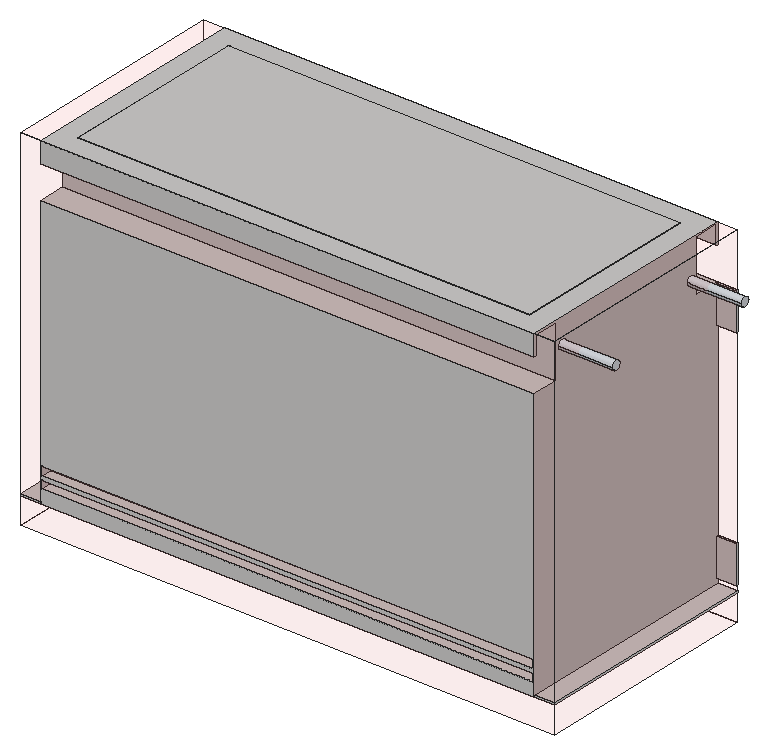
Revit family "Air-Curtain_Industrial_PoweredAire_Steam", category Mechanical Equipment, host Face, Revit 2024
Family settings
  Host = Face
  Round Connector Dimension = Use Diameter
  Part Type = Normal
  OmniClass Number = 23.75.35.17.21
  OmniClass Title = Air Curtains
  Cut with Voids When Loaded = No
  Maintain Annotation Orientation = No
  Shared = No
  Room Calculation Point = No
Parameters
  upperrotation [instance] = if(Upper Pipe Connection Side A, 0.00°, 180.00°)  # 0.00°
  topbracket [instance] = and(Unit Height = 1' 4 3/4", Unit Depth = 1' 11 3/4")  # yes
  lowerrotation [instance] = if(Lower Pipe Connection Side A, 0.00°, 180.00°)  # 0.00°
  locateupperpipe [instance] = if(Upper Pipe Connection Side A, 0' 0", Nozzle Width)  # 0' - 0"
  locatelowerpipe [instance] = if(Lower Pipe Connection Side A, 0' 0", Nozzle Width)  # 0' - 0"
  Warranty Duration (Years) = 0
  Upper Pipe Connection Side A [instance] = yes
  Unit Width Notes = "Other Widths available."  # constant formula
  Unit Width = 3' - 3"
  Unit Weight = 0
  Unit Height = 1' - 4 3/4"
  Unit Depth = 1' - 11 3/4"
  URL = "http://www.poweredaire.com/"
  Test Data = ""
  Standards Conformance = "as Specified"
  Specification = "http://www.arcat.com/sdspecs/htm04/23_34_33pai.htm"
  SpecWizard = ""
  Sound Pressure = "as Specified"
  Sales Information = "http://www.poweredaire.com/contact_us"
  Revision = "R1_2016-08"
  Projection from Host [instance] = 0' - 2"
  Product Properties = ""
  Product Data = "http://www.arcat.com/arcatcos/cos47/arc47623.html"
  Power Rating = 0 W
  Piping_Water Flow [instance] = 0 GPM
  Piping_Operating Pressure [instance] = 0.00 psi
  Piping_Exit Temperature [instance] = 0 °F
  Piping_Entry Temperature [instance] = 0 °F
  Pipe OD [instance] = 5/8"
  Nozzle Width = if(1 = 1, Unit Width - 0' 3", 0' 0")  # 3' - 0"
  Mounting Width = if(1 = 1, Unit Width - 0' 1 1/2", 0' 0")  # 3' - 1 1/2"
  Mounting Height [instance] = 3' - 6"
  Motor RPM = 0
  Motor HP = 0
  Motor Count = 0
  Model = "As Specified"
  Max Height = 0' - 0"
  Manufacturer Website = "http://www.poweredaire.com/"
  Manufacturer Phone - Toll Free = "888-321-2473"
  Manufacturer Phone = "724-588-3305"
  Manufacturer Fax = "724-588-3371"
  Manufacturer Address = "109 Mortensen Rd.  Greenville, PA 16125"
  Manufacturer = "Powered Aire, Inc"
  Maintenance Schedule (Months) = 0
  Lower Pipe Connection Side A [instance] = yes
  Keynote = "23 34 33"
  Installation-Fabrication = ""
  Installation Phase = ""
  Include Clearance [instance] = yes
  Heating Element Load = 0 W
  HVAC_Temperature Rise = 0 °F
  HVAC_Outlet Volume = 0 CFM
  HVAC_Outlet Velocity Uniformity = 0
  HVAC_Outlet Velocity = 0 FPM
  HVAC_BTU Input = 0.0 Btu/h
  Green Building-LEED = "http://www.arcat.com/green/clients/leed_data_47623.html"
  Front Grating Material [instance] = Metal - Steel - PoweredAire - Stainless 304 Perforated
  Frame Finish [instance] = Metal - Steel - PoweredAire - Stainless 304
  Expected Lifespan (Years) = 0
  Electrical_Wattage [instance] = Power Rating + Heating Element Load  # 0 W
  Electrical_Voltage [instance] = 0 V
  Electrical_Phase [instance] = 1
  Electrical_Frequency [instance] = 0 Hz
  Electrical_Amperage [instance] = 0 A
  Drawn By = "Sumex Design, Inc. / Robert S. Weygant, CSI, CDT, SCIP"
  Description = "Powered Aire Air Curtain as Specified"
  Default Elevation = 0' - 0"  # constant formula
  Copyright = "©Arcat Inc."
  Construction Details = "http://www.arcat.com/details/powair/prod3336.html"
  Clearance_Top [instance] = 0' - 0"
  Clearance_Side B [instance] = 0' - 0"
  Clearance_Side A [instance] = 0' - 0"
  Clearance_Intake [instance] = 0' - 0"
  Clearance_Bottom [instance] = 0' - 0"
  Clearance Material [instance] = ARCAT Clearance
  Building Codes = ""
  Available Options [instance] = "as Specified"
  Assembly Code = "D3090400"
Reference planes (in)
  plane 1 "Center (Elevation)": y = 0.13818
  plane 2: z = 0
  plane 3 "Center (Left/Right)": x = 0
  plane 4: y = 8.51318
  plane 5: y = -8.23682
  plane 6: x = -19.5
  plane 7: x = 19.5
  plane 8: z = 25.75
  plane 9 "FF": y = -41.86182
  plane 10: z = 2
  plane 11: x = 18
  plane 12: x = -18
  plane 13: y = 8.51318
  plane 14: y = -8.23682
  plane 15: x = -19.5
  plane 16: x = 19.5
  plane 17: z = 25.75
  plane 18: x = 17.9375
  plane 19: x = -17.9375
  plane 20: x = 18
  plane 21: x = 18
  plane 22: y = 6.01318
  plane 23: y = -5.73682
Forms (in)
  Extrusion 1, solid, material "Metal - Steel - PoweredAire - Stainless 304" <- "Frame Finish"
    sketch origin (0, 0, 0) x (0, 1, 0) y (0, 0, 1)
      loop
        line (-8.23682, 2) -> (8.51318, 2) -> (8.51318, 21.8125) -> (6.51318, 21.8125) -> (6.51318, 25.625) -> (8.38818, 25.625) -> (8.38818, 24.25) -> (8.51318, 24.25) -> (8.51318, 25.75) -> (-8.23682, 25.75) -> (-8.23682, 24.25) -> (-8.11182, 24.25) -> (-8.11182, 25.625) -> (-6.23682, 25.625) -> (-6.23682, 21.8125) -> (-8.23682, 21.8125) -> (-8.23682, 2)
    from -18 to 18
  Extrusion 2, solid, material "ARCAT Clearance" <- "Clearance Material", visible <- "Include Clearance"
    sketch origin (0, 0, 0) x (0, 1, 0) y (0, 0, 1)
      loop
        line (-8.23682, 25.75) -> (-8.23682, 0) -> (8.51318, 0) -> (8.51318, 25.75) -> (-8.23682, 25.75)
    from -19.5 to 19.5
  Extrusion 3, solid, material "Metal - Steel - PoweredAire - Stainless 304" <- "Frame Finish"
    sketch origin (-15.17702, -180, 2) x (-1, 0, 0) y (0, -1, 0)
      loop
        line (-33.17702, -188.51318) -> (-33.17702, -171.76318) -> (-34.67702, -171.76318) -> (-34.67702, -188.51318) -> (-33.17702, -188.51318)
      loop
        line (2.82298, -188.51318) -> (4.32298, -188.51318) -> (4.32298, -171.76318) -> (2.82298, -171.76318) -> (2.82298, -188.51318)
    from 0 to 0.125
  Extrusion 4, solid, material "Metal - Steel - PoweredAire - Stainless 304" <- "Frame Finish", visible <- "topbracket"
    sketch origin (-11.83813, 8.51318, 48) x (-1, 0, 0) y (0, 0, 1)
      loop
        line (-29.83813, -45.5) -> (-29.83813, -42.75) -> (-31.33813, -42.75) -> (-31.33813, -45.5) -> (-29.83813, -45.5)
      loop
        line (-29.83813, -28.9375) -> (-29.83813, -26.1875) -> (-31.33813, -26.1875) -> (-31.33813, -28.9375) -> (-29.83813, -28.9375)
      loop
        line (6.16187, -45.5) -> (7.66187, -45.5) -> (7.66187, -42.75) -> (6.16187, -42.75) -> (6.16187, -45.5)
      loop
        line (6.16187, -28.9375) -> (7.66187, -28.9375) -> (7.66187, -26.1875) -> (6.16187, -26.1875) -> (6.16187, -28.9375)
    from 0 to -0.125
  Extrusion 5, void
    sketch origin (0, 0, 0) x (0, 1, 0) y (0, 0, 1)
      loop
        line (-8.23682, 3) -> (-7.23682, 3) -> (-7.23682, 4.5) -> (-8.23682, 4.5) -> (-8.23682, 3.82425) -> (-7.38364, 3.82425) -> (-7.38364, 3.57425) -> (-8.23682, 3.57425) -> (-8.23682, 3)
    from -17.9375 to 17.9375
  Extrusion 6, solid, material "Metal - Steel - PoweredAire - Stainless 304 Perforated" <- "Front Grating Material"
    sketch origin (0, -8.23682, 25.75) x (0, 1, 0) y (-1, 0, 0)
      loop
        line (15.25, 16.5) -> (1.5, 16.5) -> (1.5, -16.5) -> (15.25, -16.5) -> (15.25, 16.5)
    from 0 to 0.03125
  Sweep 7, solid
    path origin (18, 6.01318, 0) x (1, 0, 0) y (0, 1, 0)
      loop
        line (0, 0) -> (4, 0)
    profile origin (20, 6.01318, 0) x (0, 1, 0) y (0, 0, 1)
      loop
        circle (0, 23) r 0.3125
  Sweep 8, solid
    path origin (18, -5.73682, 0) x (1, 0, 0) y (0, 1, 0)
      loop
        line (0, 0) -> (4, 0)
    profile origin (20, -5.73682, 0) x (0, 1, 0) y (0, 0, 1)
      loop
        circle (0, 24) r 0.3125
Cuts and joins
  Extrusion 5 cuts Extrusion 1
Lines and regions (in)
  reference lines
    curve 1: line (18, 6.01318, 0) -> (22.75, 6.01318, 0)
    curve 2: line (18, -5.73682, 0) -> (23.75, -5.73682, 0)
Dimensions and locks (in)
  equal spacing: plane 4, plane 1 "Center (Elevation)", plane 5
  "Unit Height": plane 4 to plane 5
  equal spacing: plane 6, plane 3 "Center (Left/Right)", plane 7
  "Unit Width": plane 6 to plane 7
  "Mounting Height": plane 1 "Center (Elevation)" to plane 9 "FF"
  "Projection from Host": plane 10 to level
  "Unit Depth": plane 8 to plane 10
  locked: plane 6 to plane 12 at 1.5
  locked: plane 11 to plane 7 at 1.5
  "Clearance_Side A": plane 7 to plane 16
  "Clearance_Side B": plane 15 to plane 6
  "Clearance_Top": plane 13 to plane 4
  "Clearance_Bottom": plane 5 to plane 14
  "Clearance_Intake": plane 17 to plane 8
  plane 5 to Extrusion 1 sketch curve to Extrusion 1 sketch curve = 0' - 0 1/8" locked, 0' - 1 7/8" locked
  Extrusion 1 sketch curve to Extrusion 1 sketch curve to plane 4 = 0' - 1 7/8" locked, 0' - 0 1/8" locked
  Extrusion 4 sketch curve to Extrusion 4 sketch curve to Extrusion 4 sketch curve to Extrusion 4 sketch curve to plane 10 = 0' - 2 3/4" locked, 1' - 1 13/16" locked, 0' - 2 3/4" locked, 0' - 0 1/2" locked
  Extrusion 4 sketch curve to Extrusion 4 sketch curve to Extrusion 4 sketch curve to Extrusion 4 sketch curve = 0' - 2 3/4" locked, 1' - 1 13/16" locked, 0' - 2 3/4" locked
  locked: Extrusion 4 sketch curve to plane 10 at 0.5
  plane 8 to Extrusion 1 sketch curve to Extrusion 1 sketch curve = 0' - 0 1/8" locked, 0' - 1 3/8" locked  (x2)
  locked: Extrusion 1 sketch curve to plane 10 at 19.8125  (x2)
  Extrusion 5 sketch curve to Extrusion 5 sketch curve to Extrusion 5 sketch curve to Extrusion 5 sketch curve to plane 10 = 0' - 0.67575" locked, 0' - 0 1/4" locked, 0' - 0.57425" locked, 0' - 1" locked
  plane 5 to Extrusion 5 sketch curve to Extrusion 5 sketch curve = 0' - 0.85319" locked, 0' - 0.14681" locked
  locked: plane 19 to plane 12 at 0.0625
  locked: plane 11 to plane 18 at 0.0625
  locked: plane 4 to Extrusion 6 sketch curve at 1.5
  locked: Extrusion 6 sketch curve to plane 5 at 1.5
  locked: Extrusion 6 sketch curve to plane 11 at 1.5
  locked: plane 12 to Extrusion 6 sketch curve at 1.5
  "locateupperpipe": plane 20 to plane 11
  "locatelowerpipe": plane 21 to plane 11
  locked: plane 4 to plane 22 at 2.5
  locked: plane 23 to plane 5 at 2.5
  locked: curve 1 to Sweep 7 sketch curve at 4
  locked: curve 1 to Sweep 7 sketch curve
  locked: Sweep 7 sketch curve to plane 10 at 21
  locked: curve 2 to Sweep 8 sketch curve at 4
  locked: curve 2 to Sweep 8 sketch curve
  locked: Sweep 8 sketch curve to plane 10 at 22
  "upperrotation": angle plane 22 to curve 1
  "lowerrotation": angle plane 23 to curve 2
  aligned and locked: plane 2 to host face
  aligned and locked: level to host face
  aligned and locked: Extrusion 2 sketch curve to plane 17
  aligned and locked: plane 14 to Extrusion 2 sketch curve
  aligned and locked: level to Extrusion 2 sketch curve
  aligned and locked: Extrusion 2 sketch curve to plane 13
  aligned and locked: plane 16 to Extrusion 2
  aligned and locked: Extrusion 2 to plane 15
  aligned and locked: plane 11 to Extrusion 1
  aligned and locked: Extrusion 1 to plane 12
  aligned and locked: plane 21 to curve 2
  aligned and locked: plane 23 to curve 2
  aligned and locked: plane 22 to curve 1
  aligned and locked: plane 20 to curve 1
Automatic sketch dimensions
  host sketch curve to host sketch curve = 8' - 0"  (x2)
  Extrusion 1 sketch curve to plane 5 = 0' - 0"  (x2)
  Extrusion 1 sketch curve to plane 4 = 0' - 0"  (x2)
  Extrusion 1 sketch curve to plane 10 = 0' - 0"
  Extrusion 1 sketch curve to plane 8 = 0' - 0"
  plane 4 to Extrusion 3 sketch curve = 0' - 0"
  Extrusion 3 sketch curve to plane 7 = 0' - 0"
  plane 5 to Extrusion 3 sketch curve = 0' - 0"
  Extrusion 3 sketch curve to plane 11 = 0' - 0"
  Extrusion 3 sketch curve to plane 4 = 0' - 0"
  Extrusion 3 sketch curve to plane 12 = 0' - 0"
  Extrusion 3 sketch curve to plane 6 = 0' - 0"
  Extrusion 3 sketch curve to plane 5 = 0' - 0"
  Extrusion 4 sketch curve to plane 7 = 0' - 0"  (x2)
  Extrusion 4 sketch curve to plane 11 = 0' - 0"  (x2)
  Extrusion 4 sketch curve to plane 12 = 0' - 0"  (x2)
  Extrusion 4 sketch curve to plane 6 = 0' - 0"  (x2)
  Extrusion 5 sketch curve to plane 5 = 0' - 0"  (x2)
  Sweep 7 sketch curve to profile plane = 0' - 0"
  Sweep 8 sketch curve to profile plane = 0' - 0"
  radius of Sweep 7 sketch curve = 0' - 0 5/16"
  radius of Sweep 8 sketch curve = 0' - 0 5/16"
Connectors (in)
  piping at (22, 6.01318, 23), diameter 0.625, driven by "Pipe OD", driven by "Piping_Water Flow"
    settings: on Sweep 7, index 1, connector inside diameter 24", connector length 0' - 0", flow factor 0, pipe flow 0 GPM, pressure drop 0.00 psi, fitting loss kfactor 0, connector angle 0.00°, fixture units 0, engagement length 0' - 0", angle of deflection 0.00°, flow configuration 0, flow direction 0, fitting loss method 0, system type 29, joint type 0, gender type 0, connector reference index -1, connector utility 0, adjustable connector no, is connector primary yes, connector description "Define Supply or Return and Location"
  piping at (22, -5.73682, 24), diameter 0.625, driven by "Pipe OD", driven by "Piping_Water Flow"
    settings: on Sweep 8, index 2, connector inside diameter 24", connector length 0' - 0", flow factor 0, pipe flow 0 GPM, pressure drop 0.00 psi, fitting loss kfactor 0, connector angle 0.00°, fixture units 0, engagement length 0' - 0", angle of deflection 0.00°, flow configuration 0, flow direction 0, fitting loss method 0, system type 29, joint type 0, gender type 0, connector reference index -1, connector utility 0, adjustable connector no, is connector primary no, connector description "Define Supply or Return and Location"
  electrical at (-18, 0.13818, 21.39062), driven by "Electrical_Voltage", driven by "Electrical_Phase"
    settings: on cut or joined group of Extrusion 1, Extrusion 5, index 3, voltage 0 V, apparent load 0 VA, apparent load phase1 0 VA, apparent load phase2 0 VA, apparent load phase3 0 VA, power factor 1, load classification "Motor", number of poles 1, system type 31, power factor state 1, is connector primary yes, connector utility no, sub classification motor no, connector description ""
